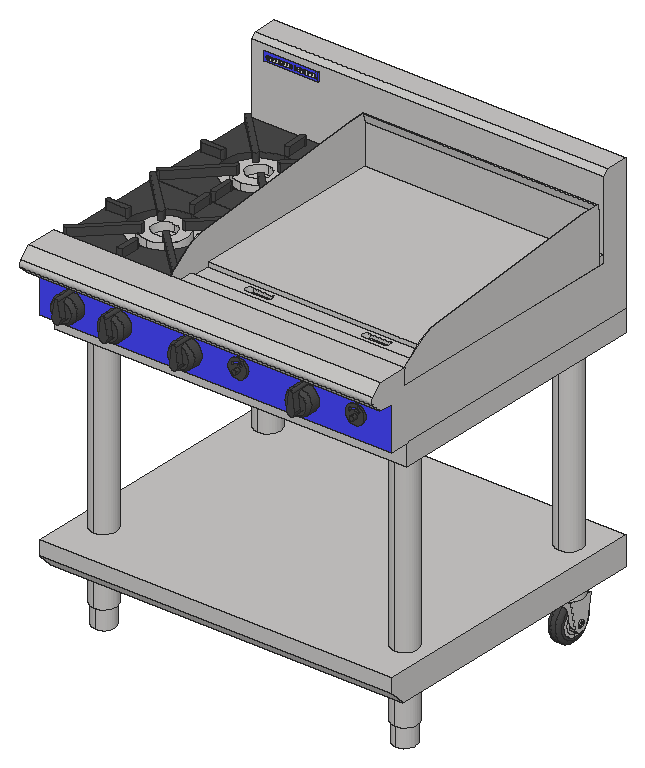
Revit family "QF_MOFFAT_BLUESEAL_CE_G516B-LS", category Specialty Equipment, Revit 2012
Parameters
  Width = 900 mm
  Weight in Pounds = 283  # constant formula
  URL Cutsheet = "www.moffat.com"
  URL = "www.moffat.com"
  Type Mark [instance] = ""
  Status [instance] = ""
  Specification by User [instance] = ""
  Specification by Manufacturer = ""
  Show Logo [instance] = yes
  Show Casters [instance] = yes
  Serial Number = ""
  Seismic Rating = ""
  SMACNA No = ""
  Revision Code [instance] = ""
  Omniclass Number and Title = ""
  NAFEM Spec ID Number = ""
  Model = "G516B-LS"
  Mechanical Remarks = ""
  Mechanical Connection Type = ""
  Masterspec = ""
  Manufacturer = "MOFFAT BLUESEAL"
  Legs [instance] = not(Show Casters)  # no
  Item Number [instance] = ""
  Installed By [instance] = ""
  Identify Quantity as Lot [instance] = yes
  Gas Size = 3/4"
  Gas RI Height = 0 mm
  Gas KW = 26.6
  Gas Input = 90990.0 Btu/h
  Gas Connection Height = 0 mm
  Furnished By [instance] = ""
  Foodservice Equipment Identifier [instance] = yes
  Description = "900MM GAS COOK TOP ON LEG STAND"
  Depth = 812 mm
  CSI MasterFormat = ""
  CSI Master Format = ""
  Base Height [instance] = 150 mm
Reference planes
  plane 1 "BACK": y = 0
  plane 2: z = 0
  plane 3 "LEFT": x = 0
  plane 4 "RIGHT": x = 900
  plane 5 "FRONT": y = -812
  plane 6 "TOP": z = 970
  plane 7 "Center Y": x = 450
  plane 8 "Center X": y = -406
  plane 9 "Base Height": z = 150
  plane 10: z = 915
  plane 11: x = 770
  plane 12: z = 1085
  plane 13: x = 65.354
  plane 14: y = -625
  plane 15: y = -100
  plane 16: x = 834.646
  plane 17: z = 655
Forms (mm)
  Extrusion 1, solid, material "QF_Finishes_Stainless Steel"
    sketch origin (0, 0, 0) x (0, 1, 0) y (0, 0, 1)
      loop
        line (-749, 850) -> (-749, 740) -> (0, 740) -> (0, 1085) -> (-57.5, 1085) -> (-70, 1072.5) -> (-70, 875) -> (-705, 875) -> (-705, 915) -> (-783.97, 915) -> (-808.485, 890.485)
        arc (-808.485, 890.485) -> (-811.999, 882) -> (-808.485, 873.515) r 12
        line (-808.485, 873.515) -> (-784.97, 850) -> (-749, 850)
      loop
        line (0, 685) -> (0, 739.5) -> (-699, 739.5) -> (-699, 685) -> (0, 685)
      loop
        line (0, 222.5) -> (-749, 222.5) -> (-749, 186) -> (-713, 150) -> (0, 150) -> (0, 222.5)
    from 0 to 900
  Revolve 2, solid, material "QF_Finishes_Black"
    sketch origin (90, 7, 600) x (0, 1, 0) y (0, 0, -1)
      loop
        line (-789, -229.5) -> (-766, -229.5) -> (-766, -202) -> (-756, -202) -> (-756, -197) -> (-800, -197) -> (-800, -223.651) -> (-789, -229.5)
      axis (-800, -197) -> (-756, -197)
    angle from 0 to 360
  Extrusion 3, solid, material "QF_Finishes_Black"
    sketch origin (90, -759, 797) x (0, 0, 1) y (1, 0, 0)
      loop
        arc (32.192, -4.965) -> (37.079, 0.034) -> (32.192, 5.033) r 5
        line (32.192, 5.033) -> (-10.726, 10.453)
        arc (-10.726, 10.453) -> (-22.392, 0.618) -> (-11.893, -10.454) r 10.487
        line (-11.893, -10.454) -> (32.192, -4.965)
    from 0 to -49
  Extrusion 4, solid, material "QF_Finishes_Stainless Steel"
    sketch origin (0, 0, 222.5) x (0, -1, 0) y (1, 0, 0)
      loop
        circle (100, 65) r 31.75
      loop
        circle (625, 65) r 31.75
      loop
        circle (100, 835) r 31.75
      loop
        circle (625, 835) r 31.75
    from 0 to 462.5
  Revolve 5, solid, material "QF_Finishes_Stainless Steel", visible <- "Legs"
    sketch origin (65.5, -166, 0) x (0, 1, 0) y (0, 0, 1)
      loop
        line (34.25, 150) -> (34.25, 50) -> (38.5, 50) -> (38.5, 0) -> (66, 0) -> (66, 150) -> (34.25, 150)
      axis (66, 150) -> (66, 0)
    angle from 0 to 360
  Revolve 6, solid, material "QF_Finishes_Stainless Steel"
    sketch origin (65.5, -735, 0) x (0, 1, 0) y (0, 0, 1)
      loop
        line (78.25, 150) -> (78.25, 50) -> (82.5, 50) -> (82.5, 0) -> (110, 0) -> (110, 150) -> (78.25, 150)
      axis (110, 150) -> (110, 0)
    angle from 0 to 360
  Revolve 7, solid, material "QF_Finishes_Stainless Steel", visible <- "Legs"
    sketch origin (834.646, -166, -0.354) x (0, 1, 0) y (0, 0, -1)
      loop
        line (34.25, -150) -> (66, -150) -> (66, -0.354) -> (38.5, -0.354) -> (38.5, -50) -> (34.25, -50) -> (34.25, -150)
      axis (66, -150) -> (66, -0.354)
    angle from 0 to 360
  Revolve 8, solid, material "QF_Finishes_Stainless Steel"
    sketch origin (834.646, -728, -0.354) x (0, 1, 0) y (0, 0, -1)
      loop
        line (71.25, -150) -> (103, -150) -> (103, -0.354) -> (75.5, -0.354) -> (75.5, -50) -> (71.25, -50) -> (71.25, -150)
      axis (103, -150) -> (103, -0.354)
    angle from 0 to 360
  Revolve 9, solid, material "QF_Finishes_Stainless Steel", visible <- "Show Casters"
    sketch origin (16.276, -100.755, -12.8) x (1, 0, 0) y (0, 0, 1)
      loop
        line (14.841, 63.604) -> (83.584, 63.604) -> (83.584, 67.109) -> (82.314, 68.379) -> (80.79, 68.379) -> (80.79, 71.826) -> (68.644, 71.826) -> (68.644, 81.79) -> (65.088, 83.843) -> (63.738, 92.179) -> (65.881, 92.179) -> (65.881, 98.529) -> (65.088, 98.529) -> (65.088, 104.879)
        arc (65.088, 104.879) -> (62.298, 111.614) -> (55.563, 114.404) r 9.525
        line (55.563, 114.404) -> (42.863, 114.404)
        arc (42.863, 114.404) -> (36.127, 111.614) -> (33.338, 104.879) r 9.525
        line (33.338, 104.879) -> (33.338, 98.529) -> (32.544, 98.529) -> (32.544, 92.179) -> (34.687, 92.179) -> (33.352, 83.932) -> (29.782, 81.871) -> (29.782, 71.826) -> (17.635, 71.826) -> (17.635, 68.379) -> (16.111, 68.379) -> (14.841, 67.109) -> (14.841, 63.604)
      axis (14.841, 63.604) -> (83.584, 63.604)
    angle from 0 to 360
  Extrusion 10, solid, material "QF_Finishes_Stainless Steel", visible <- "Show Casters"
    sketch origin (72.001, 132.353, -8.783) x (0, 1, 0) y (0, 0, 1)
      loop
        line (-200.603, 118.783) -> (-264.103, 118.783) -> (-251.746, 53.895)
        arc (-251.746, 53.895) -> (-232.353, 38.783) -> (-212.959, 53.895) r 20
        line (-212.959, 53.895) -> (-200.603, 118.783)
    from -35.667 to 22.923
  Revolve 11, solid, material "QF_Finishes_Stainless Steel", visible <- "Show Casters"
    sketch origin (65.5, -204, 0) x (0, 1, 0) y (0, 0, 1)
      loop
        line (68.25, 150) -> (68.25, 110) -> (104, 110) -> (104, 150) -> (68.25, 150)
      axis (104, 150) -> (104, 110)
    angle from 0 to 360
  Revolve 12, solid, material "QF_Finishes_Stainless Steel", visible <- "Legs"
    sketch origin (65.5, -166, 0) x (0, 1, 0) y (0, 0, 1)
      loop
        line (34.25, 150) -> (34.25, 50) -> (38.5, 50) -> (38.5, 0) -> (66, 0) -> (66, 150) -> (34.25, 150)
      axis (66, 150) -> (66, 0)
    angle from 0 to 360
  Revolve 13, solid, material "QF_Finishes_Stainless Steel", visible <- "Show Casters"
    sketch origin (485.423, -100.755, -12.798) x (1, 0, 0) y (0, 0, 1)
      loop
        line (314.841, 63.604) -> (383.584, 63.604) -> (383.584, 67.109) -> (382.314, 68.379) -> (380.79, 68.379) -> (380.79, 71.826) -> (368.644, 71.826) -> (368.644, 81.79) -> (365.088, 83.843) -> (363.738, 92.179) -> (365.881, 92.179) -> (365.881, 98.529) -> (365.088, 98.529) -> (365.088, 104.879)
        arc (365.088, 104.879) -> (362.298, 111.614) -> (355.563, 114.404) r 9.525
        line (355.563, 114.404) -> (342.863, 114.404)
        arc (342.863, 114.404) -> (336.127, 111.614) -> (333.338, 104.879) r 9.525
        line (333.338, 104.879) -> (333.338, 98.529) -> (332.544, 98.529) -> (332.544, 92.179) -> (334.687, 92.179) -> (333.352, 83.932) -> (329.782, 81.871) -> (329.782, 71.826) -> (317.635, 71.826) -> (317.635, 68.379) -> (316.111, 68.379) -> (314.841, 67.109) -> (314.841, 63.604)
      axis (314.841, 63.604) -> (383.584, 63.604)
    angle from 0 to 360
  Extrusion 14, solid, material "QF_Finishes_Stainless Steel", visible <- "Show Casters"
    sketch origin (841.147, 132.353, -9.137) x (0, 1, 0) y (0, 0, 1)
      loop
        line (-200.603, 118.783) -> (-264.103, 118.783) -> (-251.746, 53.895)
        arc (-251.746, 53.895) -> (-232.353, 38.783) -> (-212.959, 53.895) r 20
        line (-212.959, 53.895) -> (-200.603, 118.783)
    from -35.667 to 22.923
  Revolve 15, solid, material "QF_Finishes_Stainless Steel", visible <- "Show Casters"
    sketch origin (834.646, -204, -0.354) x (0, 1, 0) y (0, 0, 1)
      loop
        line (68.25, 150) -> (68.25, 110) -> (104, 110) -> (104, 150) -> (68.25, 150)
      axis (104, 150) -> (104, 110)
    angle from 0 to 360
  Extrusion 16, solid, material "QF_Finishes_Stainless Steel"
    sketch origin (0, 0, 685) x (-1, 0, 0) y (0, 1, 0)
      loop
        circle (-770, -32) r 6.35
    from 0 to 30
  Revolve 17, solid, material "QF_Finishes_Black"
    sketch origin (390, 7, 600) x (0, 1, 0) y (0, 0, -1)
      loop
        line (-789, -229.5) -> (-766, -229.5) -> (-766, -202) -> (-756, -202) -> (-756, -197) -> (-800, -197) -> (-800, -223.651) -> (-789, -229.5)
      axis (-800, -197) -> (-756, -197)
    angle from 0 to 360
  Extrusion 18, solid, material "QF_Finishes_Black"
    sketch origin (390, -759, 797) x (0, 0, 1) y (1, 0, 0)
      loop
        arc (32.192, -4.965) -> (37.079, 0.034) -> (32.192, 5.033) r 5
        line (32.192, 5.033) -> (-10.726, 10.453)
        arc (-10.726, 10.453) -> (-22.392, 0.618) -> (-11.893, -10.454) r 10.487
        line (-11.893, -10.454) -> (32.192, -4.965)
    from 0 to -49
  Revolve 19, solid, material "QF_Finishes_Black"
    sketch origin (690, 7, 600) x (0, 1, 0) y (0, 0, -1)
      loop
        line (-789, -229.5) -> (-766, -229.5) -> (-766, -202) -> (-756, -202) -> (-756, -197) -> (-800, -197) -> (-800, -223.651) -> (-789, -229.5)
      axis (-800, -197) -> (-756, -197)
    angle from 0 to 360
  Extrusion 20, solid, material "QF_Finishes_Black"
    sketch origin (690, -759, 797) x (0, 0, 1) y (1, 0, 0)
      loop
        arc (32.192, -4.965) -> (37.079, 0.034) -> (32.192, 5.033) r 5
        line (32.192, 5.033) -> (-10.726, 10.453)
        arc (-10.726, 10.453) -> (-22.392, 0.618) -> (-11.893, -10.454) r 10.487
        line (-11.893, -10.454) -> (32.192, -4.965)
    from 0 to -49
  Extrusion 21, solid, material "QF_Finishes_Black"
    sketch origin (0, -749, 850) x (0, 0, -1) y (1, 0, 0)
      loop
        circle (53, 510) r 23.9
      loop
        circle (53, 810) r 23.9
      loop
        arc (45.641, 518.419) -> (46.501, 523.219) -> (41.701, 524.079) r 3.448
        arc (41.701, 524.079) -> (35.116, 509.341) -> (42.919, 495.209) r 18.095
        arc (42.919, 495.209) -> (47.641, 496.491) -> (46.326, 501.204) r 3.448
        arc (46.326, 501.204) -> (42.758, 509.683) -> (45.641, 518.419) r 13.109
      loop
        arc (45.641, 818.419) -> (46.501, 823.219) -> (41.701, 824.079) r 3.448
        arc (41.701, 824.079) -> (35.116, 809.341) -> (42.919, 795.209) r 18.095
        arc (42.919, 795.209) -> (47.641, 796.491) -> (46.326, 801.204) r 3.448
        arc (46.326, 801.204) -> (42.758, 809.683) -> (45.641, 818.419) r 13.109
    from 0 to 5
  Extrusion 22, solid, material "QF_Finishes_Black"
    sketch origin (0, -754, 850) x (0, 0, -1) y (1, 0, 0)
      loop
        circle (56.5, 810) r 5.75
      loop
        circle (56.5, 510) r 5.75
    from 0 to 10
  Revolve 23, solid, material "QF_Finishes_Black"
    sketch origin (210, 7, 600) x (0, 1, 0) y (0, 0, -1)
      loop
        line (-789, -229.5) -> (-766, -229.5) -> (-766, -202) -> (-756, -202) -> (-756, -197) -> (-800, -197) -> (-800, -223.651) -> (-789, -229.5)
      axis (-800, -197) -> (-756, -197)
    angle from 0 to 360
  Extrusion 24, solid, material "QF_Finishes_Black"
    sketch origin (210, -759, 797) x (0, 0, 1) y (1, 0, 0)
      loop
        arc (32.192, -4.965) -> (37.079, 0.034) -> (32.192, 5.033) r 5
        line (32.192, 5.033) -> (-10.726, 10.453)
        arc (-10.726, 10.453) -> (-22.392, 0.618) -> (-11.893, -10.454) r 10.487
        line (-11.893, -10.454) -> (32.192, -4.965)
    from 0 to -49
Lines and regions (mm)
  Split face 1
    outline origin (0, -56.5, 1085) x (0, 1, 0) y (-1, 0, 0)
      loop
        line (11.115, -338.041) -> (11.115, -566)
        arc (11.115, -566) -> (16.115, -574.66) -> (26.115, -574.66) r 10
        line (26.115, -574.66) -> (33.115, -570.619)
        arc (33.115, -570.619) -> (36.775, -566.959) -> (38.115, -561.959) r 10
        line (38.115, -561.959) -> (38.115, -334)
        arc (38.115, -334) -> (33.115, -325.34) -> (23.115, -325.34) r 10
        line (23.115, -325.34) -> (16.115, -329.381)
        arc (16.115, -329.381) -> (12.455, -333.041) -> (11.115, -338.041) r 10
  Split face 2
    outline origin (0, -56.5, 1085) x (0, 1, 0) y (-1, 0, 0)
      loop
        line (38.115, -851.959) -> (38.115, -624)
        arc (38.115, -624) -> (33.115, -615.34) -> (23.115, -615.34) r 10
        line (23.115, -615.34) -> (16.115, -619.381)
        arc (16.115, -619.381) -> (12.455, -623.041) -> (11.115, -628.041) r 10
        line (11.115, -628.041) -> (11.115, -856)
        arc (11.115, -856) -> (16.115, -864.66) -> (26.115, -864.66) r 10
        line (26.115, -864.66) -> (33.115, -860.619)
        arc (33.115, -860.619) -> (36.775, -856.959) -> (38.115, -851.959) r 10
  Split face 3
    outline origin (0, -56.5, 1085) x (0, 1, 0) y (-1, 0, 0)
      loop
        line (11.115, -48.041) -> (11.115, -276)
        arc (11.115, -276) -> (16.115, -284.66) -> (26.115, -284.66) r 10
        line (26.115, -284.66) -> (33.115, -280.619)
        arc (33.115, -280.619) -> (36.775, -276.959) -> (38.115, -271.959) r 10
        line (38.115, -271.959) -> (38.115, -44)
        arc (38.115, -44) -> (33.115, -35.34) -> (23.115, -35.34) r 10
        line (23.115, -35.34) -> (16.115, -39.381)
        arc (16.115, -39.381) -> (12.455, -43.041) -> (11.115, -48.041) r 10
  symbolic lines, style "SpecialityEquipmentHiddenLines", visible <- "Show Casters"
    curve 1: line (78.456, -46.735, 0) -> (105.952, -62.61, 0)
    curve 2: line (27.656, -134.723, 0) -> (78.456, -46.735, 0)
    curve 3: line (55.152, -150.598, 0) -> (27.656, -134.723, 0)
    curve 4: line (105.952, -62.61, 0) -> (55.152, -150.598, 0)
    curve 5: line (848.456, -46.735, 0) -> (875.952, -62.61, 0)
    curve 6: line (797.656, -134.723, 0) -> (848.456, -46.735, 0)
    curve 7: line (825.152, -150.598, 0) -> (797.656, -134.723, 0)
    curve 8: line (875.952, -62.61, 0) -> (825.152, -150.598, 0)
  symbolic lines
    curve 9: line (0, -783.97, 0) -> (900, -783.97, 0)
    curve 10: line (0, 0, 0) -> (0, -811.999, 0)
    curve 11: line (900, -811.999, 0) -> (900, 0, 0)
    curve 12: line (900, -811.999, 0) -> (0, -811.999, 0)
    curve 13: line (0, -70, 0) -> (900, -70, 0)
    curve 14: line (0, -57.5, 0) -> (900, -57.5, 0)
    curve 15: line (900, 0, 0) -> (0, 0, 0)
    curve 16: line (561.959, -18.385, 0) -> (334, -18.385, 0)
    curve 17: arc (334, -18.385, 0) -> (325.34, -23.385, 0) -> (325.34, -33.385, 0) r 10
    curve 18: line (325.34, -33.385, 0) -> (329.381, -40.385, 0)
    curve 19: arc (329.381, -40.385, 0) -> (333.041, -44.045, 0) -> (338.041, -45.385, 0) r 10
    curve 20: line (338.041, -45.385, 0) -> (566, -45.385, 0)
    curve 21: arc (566, -45.385, 0) -> (574.66, -40.385, 0) -> (574.66, -30.385, 0) r 10
    curve 22: line (574.66, -30.385, 0) -> (570.619, -23.385, 0)
    curve 23: arc (570.619, -23.385, 0) -> (566.959, -19.725, 0) -> (561.959, -18.385, 0) r 10
    curve 24: line (851.959, -18.385, 0) -> (624, -18.385, 0)
    curve 25: arc (624, -18.385, 0) -> (615.34, -23.385, 0) -> (615.34, -33.385, 0) r 10
    curve 26: line (615.34, -33.385, 0) -> (619.381, -40.385, 0)
    curve 27: arc (619.381, -40.385, 0) -> (623.041, -44.045, 0) -> (628.041, -45.385, 0) r 10
    curve 28: line (628.041, -45.385, 0) -> (856, -45.385, 0)
    curve 29: arc (856, -45.385, 0) -> (864.66, -40.385, 0) -> (864.66, -30.385, 0) r 10
    curve 30: line (864.66, -30.385, 0) -> (860.619, -23.385, 0)
    curve 31: arc (860.619, -23.385, 0) -> (856.959, -19.725, 0) -> (851.959, -18.385, 0) r 10
    curve 32: line (271.959, -18.385, 0) -> (44, -18.385, 0)
    curve 33: arc (44, -18.385, 0) -> (35.34, -23.385, 0) -> (35.34, -33.385, 0) r 10
    curve 34: line (35.34, -33.385, 0) -> (39.381, -40.385, 0)
    curve 35: arc (39.381, -40.385, 0) -> (43.041, -44.045, 0) -> (48.041, -45.385, 0) r 10
    curve 36: line (48.041, -45.385, 0) -> (276, -45.385, 0)
    curve 37: arc (276, -45.385, 0) -> (284.66, -40.385, 0) -> (284.66, -30.385, 0) r 10
    curve 38: line (284.66, -30.385, 0) -> (280.619, -23.385, 0)
    curve 39: arc (280.619, -23.385, 0) -> (276.959, -19.725, 0) -> (271.959, -18.385, 0) r 10
    curve 40: line (0, -705, 0) -> (900, -705, 0)
Dimensions and locks
  equal spacing: plane 3 "LEFT", plane 7 "Center Y", plane 4 "RIGHT"
  "Width": plane 3 "LEFT" to plane 4 "RIGHT"
  equal spacing: plane 5 "FRONT", plane 8 "Center X", plane 1 "BACK"
  "Depth": plane 5 "FRONT" to plane 1 "BACK"
  equal spacing: plane 4 "RIGHT", plane 7 "Center Y", plane 3 "LEFT"
  plane 4 "RIGHT" to plane 3 "LEFT" = 900 mm
  plane 5 "FRONT" to plane 1 "BACK" = 812 mm
  "Base Height": plane 9 "Base Height" to level
  plane 6 "TOP" to level = 970 mm
  plane 10 to level = 915 mm
  plane 11 to plane 4 "RIGHT" = 130 mm
  plane 12 to plane 2 = 1085 mm
  Revolve 9 sketch curve to Revolve 9 sketch curve = 50.8 mm
  Revolve 13 sketch curve to Revolve 13 sketch curve = 50.8 mm
  plane 15 to plane 14 = 525 mm
  plane 17 to plane 2 = 655 mm
  Extrusion 16 sketch curve to plane 1 "BACK" = 32 mm
  aligned and locked: level to plane 2
Automatic sketch dimensions
  plane 1 "BACK" to curve 15 = 0 mm
  curve 15 to plane 3 "LEFT" = 0 mm
  curve 11 to plane 4 "RIGHT" = 0 mm
  plane 3 "LEFT" to curve 2 = 27.656 mm
  plane 13 to curve 34 = 30.014 mm
  curve 34 to curve 34 = 4.041 mm
  curve 33 to curve 33 = 8.66 mm
  curve 34 to curve 35 = 8.66 mm
  plane 13 to curve 3 = 10.202 mm
  curve 1 to plane 13 = 13.102 mm
  plane 1 "BACK" to curve 39 = 18.385 mm
  curve 1 to curve 39 = 166.007 mm
  curve 39 to curve 37 = 4.041 mm
  curve 32 to curve 39 = 8.66 mm
  plane 1 "BACK" to curve 38 = 30.385 mm
  curve 38 to curve 38 = 4.041 mm
  plane 1 "BACK" to curve 18 = 33.385 mm
  curve 38 to curve 18 = 40.679 mm
  curve 17 to curve 19 = 4.041 mm  (x2)
  curve 17 to curve 16 = 8.66 mm
  plane 1 "BACK" to curve 23 = 28.385 mm
  plane 7 "Center Y" to curve 23 = 111.959 mm
  curve 23 to curve 20 = 4.041 mm
  curve 16 to curve 23 = 8.66 mm
  curve 23 to curve 21 = 4.041 mm
  plane 1 "BACK" to curve 26 = 33.385 mm
  curve 22 to curve 26 = 40.679 mm
  curve 26 to curve 27 = 4.041 mm
  curve 25 to curve 24 = 8.66 mm
  curve 26 to curve 27 = 8.66 mm
  plane 11 to curve 6 = 27.656 mm
  curve 8 to plane 16 = 9.494 mm
  plane 16 to curve 6 = 13.809 mm
  plane 16 to curve 24 = 17.312 mm
  curve 5 to curve 28 = 7.544 mm
  curve 31 to curve 31 = 8.66 mm
  curve 31 to curve 29 = 4.041 mm
  curve 33 to curve 32 = 15 mm
  curve 27 to curve 25 = 2 mm
  curve 37 to curve 37 = 5 mm
  curve 35 to curve 33 = 7 mm
  plane 1 "BACK" to curve 29 = 35.385 mm
  curve 21 to curve 23 = 7 mm
  curve 19 to curve 17 = 2 mm
  curve 27 to curve 26 = 7 mm
  curve 18 to curve 17 = 7 mm
  curve 1 to curve 36 = 1.35 mm
  curve 6 to curve 28 = 1.35 mm
  curve 14 to plane 15 = 42.5 mm
  curve 5 to curve 14 = 5.11 mm
  curve 4 to curve 1 = 15.875 mm
  curve 13 to curve 14 = 12.5 mm
  plane 14 to curve 40 = 80 mm
  curve 9 to plane 5 "FRONT" = 28.03 mm
  curve 12 to plane 5 "FRONT" = 0.001 mm
  curve 27 to curve 25 = 7 mm
  curve 19 to curve 17 = 7 mm
  curve 29 to curve 31 = 7 mm
  curve 37 to curve 39 = 7 mm
  plane 10 to Extrusion 1 sketch curve = 0 mm
  Extrusion 1 sketch curve to plane 9 "Base Height" = 0 mm
  plane 12 to Extrusion 1 sketch curve = 0 mm
  Extrusion 1 sketch curve to plane 1 "BACK" = 0 mm  (x3)
  Extrusion 1 sketch curve to plane 15 = 42.5 mm
  plane 12 to Extrusion 1 sketch curve = 12.5 mm
  Extrusion 1 sketch curve to Extrusion 1 sketch curve = 12.5 mm
  plane 17 to Extrusion 1 sketch curve = 30 mm
  plane 14 to Extrusion 1 sketch curve = 74 mm
  plane 14 to Extrusion 1 sketch curve = 80 mm
  plane 14 to Extrusion 1 sketch curve = 88 mm
  Extrusion 1 sketch curve to Extrusion 1 sketch curve = 44 mm
  Extrusion 1 sketch curve to Extrusion 1 sketch curve = 36 mm
  Extrusion 1 sketch curve to plane 5 "FRONT" = 28.03 mm
  Extrusion 1 sketch curve to plane 5 "FRONT" = 27.03 mm
  Extrusion 1 sketch curve to plane 5 "FRONT" = 12.001 mm
  Extrusion 1 sketch curve to plane 5 "FRONT" = 3.515 mm  (x2)
  plane 9 "Base Height" to Extrusion 1 sketch curve = 36 mm
  plane 9 "Base Height" to Extrusion 1 sketch curve = 72.5 mm
  Extrusion 1 sketch curve to Extrusion 1 sketch curve = 54.5 mm
  Extrusion 1 sketch curve to Extrusion 1 sketch curve = 0.5 mm
  plane 10 to Extrusion 1 sketch curve = 65 mm
  Extrusion 1 sketch curve to Extrusion 1 sketch curve = 23.515 mm
  plane 10 to Extrusion 1 sketch curve = 40 mm
  Extrusion 1 sketch curve to Extrusion 1 sketch curve = 8.485 mm
  Revolve 2 sketch curve to plane 5 "FRONT" = 19 mm
  Revolve 2 sketch curve to Revolve 2 sketch curve = 0 mm  (x2)
  Revolve 2 sketch curve to Revolve 2 sketch curve = 11 mm
  Revolve 2 sketch curve to Revolve 2 sketch curve = 12.7 mm
  Revolve 2 sketch curve to Revolve 2 sketch curve = 23 mm
  Revolve 2 sketch curve to Revolve 2 sketch curve = 10 mm
  plane 10 to Revolve 2 sketch curve = 85.5 mm
  Revolve 2 sketch curve to Revolve 2 sketch curve = 5.849 mm
  Revolve 2 sketch curve to Revolve 2 sketch curve = 27.5 mm
  Revolve 2 sketch curve to Revolve 2 sketch curve = 5 mm
  Extrusion 3 sketch curve to Revolve 2 = 0.034 mm  (x2)
  Revolve 2 to Extrusion 3 sketch curve = 10.454 mm
  Extrusion 3 sketch curve to Extrusion 3 sketch curve = 0.028 mm
  Extrusion 3 sketch curve to Revolve 2 = 10.453 mm
  Extrusion 3 sketch curve to Extrusion 3 sketch curve = 44 mm
  Extrusion 3 sketch curve to Revolve 2 = 5.033 mm
  Extrusion 3 sketch curve to Extrusion 3 sketch curve = 0.113 mm
  Revolve 2 to Extrusion 3 sketch curve = 4.965 mm
  Extrusion 4 sketch curve to Extrusion 4 sketch curve = 0 mm  (x8)
  Extrusion 1 to Extrusion 4 sketch curve = 68.25 mm  (x2)
  Extrusion 4 sketch curve to Extrusion 4 sketch curve = 31.75 mm  (x4)
  Extrusion 4 sketch curve to Extrusion 1 = 155.75 mm  (x2)
  Extrusion 1 to Extrusion 4 sketch curve = 65 mm  (x4)
  Revolve 5 sketch curve to plane 9 "Base Height" = 0 mm
  Revolve 5 sketch curve to level = 0 mm
  Revolve 5 sketch curve to plane 15 = 0 mm  (x2)
  plane 15 to Revolve 5 sketch curve = 27.5 mm
  plane 15 to Revolve 5 sketch curve = 31.75 mm
  Revolve 5 sketch curve to Revolve 5 sketch curve = 55 mm
  level to Revolve 5 sketch curve = 50 mm
  Revolve 5 sketch curve to Revolve 5 sketch curve = 0 mm
  Revolve 6 sketch curve to plane 9 "Base Height" = 0 mm
  Revolve 6 sketch curve to level = 0 mm
  Revolve 6 sketch curve to plane 14 = 0 mm  (x2)
  Revolve 6 sketch curve to Revolve 6 sketch curve = 27.5 mm
  Revolve 6 sketch curve to Revolve 6 sketch curve = 31.75 mm
  Revolve 6 sketch curve to Revolve 6 sketch curve = 55 mm
  level to Revolve 6 sketch curve = 50 mm
  Revolve 6 sketch curve to Revolve 6 sketch curve = 0 mm
  Revolve 7 sketch curve to level = 0 mm
  Revolve 7 sketch curve to plane 15 = 0 mm  (x2)
  plane 15 to Revolve 7 sketch curve = 27.5 mm
  Revolve 7 sketch curve to plane 9 "Base Height" = 0.354 mm
  plane 15 to Revolve 7 sketch curve = 31.75 mm
  level to Revolve 7 sketch curve = 49.646 mm
  Revolve 7 sketch curve to Revolve 7 sketch curve = 0 mm
  Revolve 7 sketch curve to level = 55.354 mm
  Revolve 8 sketch curve to level = 0 mm
  Revolve 8 sketch curve to plane 14 = 0 mm  (x2)
  Revolve 8 sketch curve to Revolve 8 sketch curve = 27.5 mm
  Revolve 8 sketch curve to plane 9 "Base Height" = 0.354 mm
  plane 14 to Revolve 8 sketch curve = 31.75 mm
  level to Revolve 8 sketch curve = 49.646 mm
  Revolve 8 sketch curve to Revolve 8 sketch curve = 0 mm
  Revolve 8 sketch curve to Revolve 8 sketch curve = 55.354 mm
  plane 3 "LEFT" to Revolve 9 sketch curve = 31.118 mm
  Revolve 9 sketch curve to Revolve 9 sketch curve = 1.27 mm  (x4)
  Revolve 9 sketch curve to Revolve 9 sketch curve = 1.524 mm  (x2)
  Revolve 9 sketch curve to Revolve 9 sketch curve = 12.146 mm  (x2)
  plane 13 to Revolve 9 sketch curve = 16.533 mm
  Revolve 9 sketch curve to Revolve 9 sketch curve = 0.794 mm  (x2)
  Revolve 9 sketch curve to Revolve 9 sketch curve = 3.57 mm
  Revolve 9 sketch curve to Revolve 9 sketch curve = 2.143 mm
  plane 13 to Revolve 9 sketch curve = 6.215 mm
  Revolve 9 sketch curve to plane 13 = 5.276 mm
  Revolve 9 sketch curve to plane 13 = 6.485 mm
  Revolve 9 sketch curve to plane 13 = 14.661 mm
  Revolve 9 sketch curve to Revolve 9 sketch curve = 1.349 mm  (x2)
  Revolve 9 sketch curve to Revolve 9 sketch curve = 3.556 mm
  Revolve 9 sketch curve to Revolve 9 sketch curve = 33.32 mm
  level to Revolve 9 sketch curve = 50.804 mm
  Revolve 9 sketch curve to Revolve 9 sketch curve = 0 mm
  Revolve 9 sketch curve to Revolve 9 sketch curve = 3.505 mm  (x2)
  Revolve 9 sketch curve to Revolve 9 sketch curve = 3.447 mm  (x2)
  Revolve 9 sketch curve to Revolve 9 sketch curve = 9.964 mm
  Revolve 9 sketch curve to Revolve 9 sketch curve = 10.045 mm
  Revolve 9 sketch curve to Revolve 9 sketch curve = 2.053 mm
  Revolve 9 sketch curve to Revolve 9 sketch curve = 2.061 mm
  Revolve 9 sketch curve to Revolve 9 sketch curve = 8.247 mm
  Revolve 9 sketch curve to Revolve 9 sketch curve = 8.336 mm
  Revolve 9 sketch curve to Revolve 9 sketch curve = 6.35 mm  (x2)
  Extrusion 10 sketch curve to plane 15 = 0 mm
  plane 15 to Extrusion 10 sketch curve = 19.393 mm
  plane 15 to Extrusion 10 sketch curve = 31.75 mm
  Extrusion 10 sketch curve to plane 15 = 19.393 mm
  Extrusion 10 sketch curve to plane 15 = 31.75 mm
  level to Extrusion 10 sketch curve = 45.111 mm
  Extrusion 10 sketch curve to Extrusion 10 sketch curve = 4.889 mm
  Extrusion 10 sketch curve to plane 9 "Base Height" = 40 mm
  Revolve 11 sketch curve to plane 9 "Base Height" = 0 mm
  Revolve 11 sketch curve to plane 15 = 0 mm  (x2)
  plane 15 to Revolve 11 sketch curve = 35.75 mm
  Revolve 11 sketch curve to Revolve 11 sketch curve = 40 mm
  level to Revolve 11 sketch curve = 50 mm
  Revolve 11 sketch curve to level = 55 mm
  Revolve 12 sketch curve to plane 9 "Base Height" = 0 mm
  Revolve 12 sketch curve to level = 0 mm
  Revolve 12 sketch curve to plane 15 = 0 mm  (x2)
  plane 15 to Revolve 12 sketch curve = 27.5 mm
  plane 15 to Revolve 12 sketch curve = 31.75 mm
  Revolve 12 sketch curve to Revolve 12 sketch curve = 55 mm
  level to Revolve 12 sketch curve = 50 mm
  Revolve 12 sketch curve to Revolve 12 sketch curve = 0 mm
  plane 11 to Revolve 13 sketch curve = 30.264 mm
  Revolve 13 sketch curve to Revolve 13 sketch curve = 1.27 mm  (x4)
  Revolve 13 sketch curve to Revolve 13 sketch curve = 1.524 mm  (x2)
  Revolve 13 sketch curve to Revolve 13 sketch curve = 12.146 mm  (x2)
  Revolve 13 sketch curve to plane 16 = 16.68 mm
  Revolve 13 sketch curve to Revolve 13 sketch curve = 0.794 mm  (x2)
  Revolve 13 sketch curve to Revolve 13 sketch curve = 3.57 mm
  Revolve 13 sketch curve to Revolve 13 sketch curve = 2.143 mm
  Revolve 13 sketch curve to plane 16 = 6.361 mm
  plane 16 to Revolve 13 sketch curve = 5.13 mm
  plane 16 to Revolve 13 sketch curve = 6.339 mm
  plane 16 to Revolve 13 sketch curve = 14.515 mm
  Revolve 13 sketch curve to Revolve 13 sketch curve = 1.349 mm  (x2)
  Revolve 13 sketch curve to Revolve 13 sketch curve = 3.556 mm
  Revolve 13 sketch curve to plane 4 "RIGHT" = 2.327 mm
  level to Revolve 13 sketch curve = 50.806 mm
  Revolve 13 sketch curve to Revolve 13 sketch curve = 0 mm
  Revolve 13 sketch curve to Revolve 13 sketch curve = 3.505 mm  (x2)
  Revolve 13 sketch curve to Revolve 13 sketch curve = 3.447 mm  (x2)
  Revolve 13 sketch curve to Revolve 13 sketch curve = 9.964 mm
  Revolve 13 sketch curve to Revolve 13 sketch curve = 10.045 mm
  Revolve 13 sketch curve to Revolve 13 sketch curve = 2.053 mm
  Revolve 13 sketch curve to Revolve 13 sketch curve = 2.061 mm
  Revolve 13 sketch curve to Revolve 13 sketch curve = 8.247 mm
  Revolve 13 sketch curve to Revolve 13 sketch curve = 8.336 mm
  Revolve 13 sketch curve to Revolve 13 sketch curve = 6.35 mm  (x2)
  Extrusion 14 sketch curve to plane 15 = 0 mm
  plane 15 to Extrusion 14 sketch curve = 19.393 mm
  plane 15 to Extrusion 14 sketch curve = 31.75 mm
  Extrusion 14 sketch curve to plane 15 = 19.393 mm
  Extrusion 14 sketch curve to plane 15 = 31.75 mm
  level to Extrusion 14 sketch curve = 44.758 mm
  Extrusion 14 sketch curve to Extrusion 14 sketch curve = 4.889 mm
  Extrusion 14 sketch curve to plane 9 "Base Height" = 40.354 mm
  Revolve 15 sketch curve to plane 15 = 0 mm  (x2)
  Revolve 15 sketch curve to plane 9 "Base Height" = 0.354 mm
  plane 15 to Revolve 15 sketch curve = 35.75 mm
  Revolve 15 sketch curve to Revolve 15 sketch curve = 40 mm
  level to Revolve 15 sketch curve = 49.646 mm
  Revolve 15 sketch curve to level = 55.354 mm
  Extrusion 16 sketch curve to Extrusion 16 sketch curve = 0 mm
  Extrusion 16 sketch curve to Extrusion 1 = 38.35 mm
  Extrusion 16 sketch curve to Extrusion 1 = 130 mm
  Split face 1 sketch curve to Extrusion 1 = 12.115 mm
  Split face 1 sketch curve to Split face 1 sketch curve = 5 mm  (x2)
  Split face 1 sketch curve to Split face 1 sketch curve = 10 mm  (x3)
  Split face 1 sketch curve to Split face 1 sketch curve = 7 mm  (x4)
  Split face 1 sketch curve to Extrusion 1 = 325.34 mm
  Split face 1 sketch curve to Split face 1 sketch curve = 4.041 mm  (x2)
  Split face 1 sketch curve to Split face 1 sketch curve = 223.917 mm
  Split face 2 sketch curve to Extrusion 1 = 12.115 mm
  Split face 2 sketch curve to Split face 2 sketch curve = 5 mm  (x2)
  Split face 2 sketch curve to Split face 2 sketch curve = 10 mm  (x3)
  Split face 2 sketch curve to Split face 2 sketch curve = 7 mm  (x4)
  Split face 2 sketch curve to Extrusion 1 = 35.34 mm
  Split face 2 sketch curve to Split face 2 sketch curve = 4.041 mm  (x2)
  Split face 2 sketch curve to Split face 2 sketch curve = 223.917 mm
  Split face 3 sketch curve to Extrusion 1 = 12.115 mm
  Split face 3 sketch curve to Split face 3 sketch curve = 5 mm  (x3)
  Split face 3 sketch curve to Split face 3 sketch curve = 10 mm  (x2)
  Split face 3 sketch curve to Split face 3 sketch curve = 7 mm  (x4)
  Split face 3 sketch curve to Extrusion 1 = 284.66 mm
  Split face 3 sketch curve to Split face 3 sketch curve = 4.041 mm  (x2)
  Split face 3 sketch curve to Extrusion 1 = 48.041 mm
  Revolve 17 sketch curve to plane 5 "FRONT" = 19 mm
  Revolve 17 sketch curve to Revolve 17 sketch curve = 0 mm  (x2)
  Revolve 17 sketch curve to Revolve 17 sketch curve = 11 mm
  Revolve 17 sketch curve to Revolve 17 sketch curve = 12.7 mm
  Revolve 17 sketch curve to Revolve 17 sketch curve = 23 mm
  Revolve 17 sketch curve to Revolve 17 sketch curve = 10 mm
  plane 10 to Revolve 17 sketch curve = 85.5 mm
  Revolve 17 sketch curve to Revolve 17 sketch curve = 5.849 mm
  Revolve 17 sketch curve to Revolve 17 sketch curve = 27.5 mm
  Revolve 17 sketch curve to Revolve 17 sketch curve = 5 mm
  Extrusion 18 sketch curve to Revolve 17 = 0.034 mm  (x2)
  Revolve 17 to Extrusion 18 sketch curve = 10.454 mm
  Extrusion 18 sketch curve to Extrusion 18 sketch curve = 0.028 mm
  Extrusion 18 sketch curve to Revolve 17 = 10.453 mm
  Extrusion 18 sketch curve to Extrusion 18 sketch curve = 44 mm
  Extrusion 18 sketch curve to Revolve 17 = 5.033 mm
  Extrusion 18 sketch curve to Extrusion 18 sketch curve = 0.113 mm
  Revolve 17 to Extrusion 18 sketch curve = 4.965 mm
  Revolve 19 sketch curve to plane 5 "FRONT" = 19 mm
  Revolve 19 sketch curve to Revolve 19 sketch curve = 0 mm  (x2)
  Revolve 19 sketch curve to Revolve 19 sketch curve = 11 mm
  Revolve 19 sketch curve to Revolve 19 sketch curve = 12.7 mm
  Revolve 19 sketch curve to Revolve 19 sketch curve = 23 mm
  Revolve 19 sketch curve to Revolve 19 sketch curve = 10 mm
  plane 10 to Revolve 19 sketch curve = 85.5 mm
  Revolve 19 sketch curve to Revolve 19 sketch curve = 5.849 mm
  Revolve 19 sketch curve to Revolve 19 sketch curve = 27.5 mm
  Revolve 19 sketch curve to Revolve 19 sketch curve = 5 mm
  Extrusion 20 sketch curve to Revolve 19 = 0.034 mm  (x2)
  Revolve 19 to Extrusion 20 sketch curve = 10.454 mm
  Extrusion 20 sketch curve to Extrusion 20 sketch curve = 0.028 mm
  Extrusion 20 sketch curve to Revolve 19 = 10.453 mm
  Extrusion 20 sketch curve to Extrusion 20 sketch curve = 44 mm
  Extrusion 20 sketch curve to Revolve 19 = 5.033 mm
  Extrusion 20 sketch curve to Extrusion 20 sketch curve = 0.113 mm
  Revolve 19 to Extrusion 20 sketch curve = 4.965 mm
  Extrusion 21 sketch curve to Extrusion 1 = 41.701 mm  (x2)
  Extrusion 21 sketch curve to Extrusion 21 sketch curve = 1.218 mm  (x2)
  Extrusion 21 sketch curve to Extrusion 21 sketch curve = 1.97 mm  (x4)
  Extrusion 21 sketch curve to Extrusion 21 sketch curve = 1.724 mm  (x2)
  Extrusion 21 sketch curve to Extrusion 21 sketch curve = 1.683 mm  (x2)
  Extrusion 21 sketch curve to Extrusion 21 sketch curve = 6.674 mm  (x2)
  Extrusion 21 sketch curve to Extrusion 21 sketch curve = 0.195 mm  (x2)
  Extrusion 21 sketch curve to Extrusion 21 sketch curve = 2.662 mm  (x2)
  Extrusion 1 to Extrusion 21 sketch curve = 404.791 mm
  Extrusion 21 sketch curve to Extrusion 21 sketch curve = 2.986 mm  (x2)
  Extrusion 21 sketch curve to Extrusion 21 sketch curve = 8.796 mm  (x2)
  Extrusion 21 sketch curve to Extrusion 21 sketch curve = 0.103 mm  (x2)
  Extrusion 21 sketch curve to Extrusion 21 sketch curve = 0.102 mm  (x2)
  Extrusion 1 to Extrusion 21 sketch curve = 104.791 mm
  Extrusion 22 sketch curve to Extrusion 22 sketch curve = 0 mm
  Extrusion 22 sketch curve to Extrusion 22 sketch curve = 300 mm
  Revolve 23 sketch curve to plane 5 "FRONT" = 19 mm
  Revolve 23 sketch curve to Revolve 23 sketch curve = 0 mm  (x2)
  Revolve 23 sketch curve to Revolve 23 sketch curve = 11 mm
  Revolve 23 sketch curve to Revolve 23 sketch curve = 12.7 mm
  Revolve 23 sketch curve to Revolve 23 sketch curve = 23 mm
  Revolve 23 sketch curve to Revolve 23 sketch curve = 10 mm
  plane 10 to Revolve 23 sketch curve = 85.5 mm
  Revolve 23 sketch curve to Revolve 23 sketch curve = 5.849 mm
  Revolve 23 sketch curve to Revolve 23 sketch curve = 27.5 mm
  Revolve 23 sketch curve to Revolve 23 sketch curve = 5 mm
  Extrusion 24 sketch curve to Revolve 23 = 0.034 mm  (x2)
  Revolve 23 to Extrusion 24 sketch curve = 10.454 mm
  Extrusion 24 sketch curve to Extrusion 24 sketch curve = 0.028 mm
  Extrusion 24 sketch curve to Revolve 23 = 10.453 mm
  Extrusion 24 sketch curve to Extrusion 24 sketch curve = 44 mm
  Extrusion 24 sketch curve to Revolve 23 = 5.033 mm
  Extrusion 24 sketch curve to Extrusion 24 sketch curve = 0.113 mm
  Revolve 23 to Extrusion 24 sketch curve = 4.965 mm
  radius of Extrusion 21 sketch curve = 23.9 mm  (x2)
  radius of Extrusion 22 sketch curve = 5.75 mm  (x2)
Nested families
  nested 1: "WALDORF LOGO_FACE BASE" at (32, -70, 1057.475) x (1, 0, 0) z (0, -1, 0), visible <- "Show Logo", type "WALDORF LOGO_FACE BASE", detail levels medium+fine
    with Show Logo yes
  nested 2: "GAS BURNER300 & GRIDDLE 600" at (0, -70, 874.5), type "GAS BURNER300 & GRIDDLE 600"
    with Width 900 mm, Type Mark "", Status "", Specification by User "", Revision Code "", Item Number "", Installed By "", Identify Quantity as Lot yes, Furnished By "", Foodservice Equipment Identifier yes, Depth 635 mm
Connectors
  piping at (770, -32, 655)
    settings: on Extrusion 16, index 1, connector radius 0.37402", flow factor 0, pipe flow 0 GPM, pressure drop 0.00 psi, fitting loss kfactor 0, connector angle 0.00°, fixture units 0, engagement length 0 mm, flow configuration 1, flow direction 1, fitting loss method 0, system type 7, joint type 0, gender type 0, connector reference index -1, connector utility 0, adjustable connector no, is connector primary yes, fitting loss table "", connector description "GAS CONNECTION"
Definition of nested family "WALDORF LOGO_FACE BASE"
  Parameters (values of type "WALDORF LOGO_FACE BASE")
    Show Logo [instance] = yes
    Default Elevation = 1219.2 mm
  Reference planes
    plane 1 "Center (Front/Back)": y = 0
    plane 2: z = 0
    plane 3 "Center (Left/Right)": x = 0
  Forms (mm)
    Extrusion 1, solid
      sketch origin (0, 0, 0) x (1, 0, 0) y (0, 1, 0)
        loop
          line (-1219.2, 1219.2) -> (-1219.2, -1219.2) -> (1219.2, -1219.2) -> (1219.2, 1219.2) -> (-1219.2, 1219.2)
      from 0 to -304.8
    Extrusion 2, solid, material "QF_Finishes_Blue", visible <- "Show Logo"
      sketch origin (0, -33.217, 0) x (1, 0, 0) y (0, 1, 0)
        loop
          arc (138, 31.942) -> (137.626, 32.844) -> (136.724, 33.217) r 1.276
          line (136.724, 33.217) -> (1.29, 33.217)
          arc (1.29, 33.217) -> (0.378, 32.839) -> (0, 31.927) r 1.29
          line (0, 31.927) -> (0, 11.507)
          arc (0, 11.507) -> (0.378, 10.595) -> (1.29, 10.217) r 1.29
          line (1.29, 10.217) -> (136.71, 10.217)
          arc (136.71, 10.217) -> (137.622, 10.595) -> (138, 11.507) r 1.29
          line (138, 11.507) -> (138, 31.942)
      from 0 to 1.588
    Extrusion 3, solid, material "QF_Finishes_White", visible <- "Show Logo"
      sketch origin (0, -33.217, 1.588) x (1, 0, 0) y (0, 1, 0)
        loop
          arc (108.946, 25.919) -> (107.613, 25.367) -> (107.061, 24.034) r 1.885
          line (107.061, 24.034) -> (107.061, 17.211) -> (112.704, 17.211) -> (112.704, 19.129) -> (115.546, 19.129) -> (115.546, 17.211) -> (121.584, 17.211) -> (121.584, 24.075)
          arc (121.584, 24.075) -> (121.043, 25.379) -> (119.739, 25.919) r 1.845
          line (119.739, 25.919) -> (108.946, 25.919)
        loop
          line (123.478, 25.919) -> (123.478, 17.163) -> (134.904, 17.163) -> (134.904, 19.129) -> (129.246, 19.129) -> (129.246, 25.919) -> (123.478, 25.919)
        loop
          line (112.704, 21.258) -> (115.546, 21.258) -> (115.546, 22.702)
          arc (115.546, 22.702) -> (115.344, 23.188) -> (114.858, 23.389) r 0.687
          line (114.858, 23.389) -> (113.363, 23.389)
          arc (113.363, 23.389) -> (112.897, 23.196) -> (112.704, 22.73) r 0.658
          line (112.704, 22.73) -> (112.704, 21.258)
        loop
          line (105.071, 25.919) -> (93.771, 25.919) -> (93.771, 17.163) -> (105.071, 17.163) -> (105.071, 19.063) -> (99.535, 19.063) -> (99.535, 20.437) -> (105.071, 20.437) -> (105.071, 22.278) -> (99.535, 22.278) -> (99.535, 23.587) -> (105.071, 23.587) -> (105.071, 25.919)
        loop
          line (91.104, 25.919) -> (79.541, 25.919)
          arc (79.541, 25.919) -> (78.558, 25.513) -> (78.152, 24.53) r 1.389
          line (78.152, 24.53) -> (78.152, 22.08)
          arc (78.152, 22.08) -> (78.558, 21.098) -> (79.541, 20.691) r 1.389
          line (79.541, 20.691) -> (86.346, 20.691) -> (86.346, 18.864) -> (83.266, 18.864) -> (83.266, 19.664) -> (78.152, 19.664) -> (78.152, 18.553)
          arc (78.152, 18.553) -> (78.558, 17.57) -> (79.541, 17.163) r 1.389
          line (79.541, 17.163) -> (91.063, 17.163)
          arc (91.063, 17.163) -> (92.045, 17.57) -> (92.452, 18.553) r 1.389
          line (92.452, 18.553) -> (92.452, 20.691)
          arc (92.452, 20.691) -> (92.045, 21.673) -> (91.063, 22.08) r 1.389
          line (91.063, 22.08) -> (83.266, 22.08) -> (83.266, 23.984) -> (86.346, 23.984) -> (86.346, 22.743) -> (92.452, 22.743) -> (92.452, 24.571)
          arc (92.452, 24.571) -> (92.057, 25.524) -> (91.104, 25.919) r 1.348
        loop
          line (70.705, 25.919) -> (59.405, 25.919) -> (59.405, 17.163) -> (70.705, 17.163) -> (70.705, 19.063) -> (65.169, 19.063) -> (65.169, 20.437) -> (70.705, 20.437) -> (70.705, 22.278) -> (65.169, 22.278) -> (65.169, 23.587) -> (70.705, 23.587) -> (70.705, 25.919)
        loop
          line (57.598, 25.919) -> (51.7, 25.919) -> (51.7, 20.18)
          arc (51.7, 20.18) -> (50.63, 19.11) -> (49.56, 20.18) r 1.07
          line (49.56, 20.18) -> (49.56, 25.919) -> (43.663, 25.919) -> (43.663, 19.049)
          arc (43.663, 19.049) -> (44.215, 17.716) -> (45.548, 17.163) r 1.885
          line (45.548, 17.163) -> (55.71, 17.163)
          arc (55.71, 17.163) -> (57.045, 17.716) -> (57.598, 19.051) r 1.887
          line (57.598, 19.051) -> (57.598, 25.919)
        loop
          line (31.62, 25.919) -> (31.62, 17.163) -> (43.046, 17.163) -> (43.046, 19.129) -> (37.388, 19.129) -> (37.388, 25.919) -> (31.62, 25.919)
        loop
          line (15.969, 25.919) -> (15.969, 17.163) -> (28.693, 17.163)
          arc (28.693, 17.163) -> (29.812, 17.627) -> (30.276, 18.746) r 1.582
          line (30.276, 18.746) -> (30.276, 20.447) -> (29.48, 21.243) -> (30.276, 22.039) -> (30.276, 24.332)
          arc (30.276, 24.332) -> (29.811, 25.454) -> (28.688, 25.919) r 1.587
          line (28.688, 25.919) -> (15.969, 25.919)
        loop
          line (21.449, 24.159) -> (21.449, 22.436) -> (23.862, 22.436)
          arc (23.862, 22.436) -> (24.723, 23.298) -> (23.862, 24.159) r 0.861
          line (23.862, 24.159) -> (21.449, 24.159)
        loop
          line (21.449, 20.244) -> (21.449, 18.522) -> (23.862, 18.522)
          arc (23.862, 18.522) -> (24.723, 19.383) -> (23.862, 20.244) r 0.861
          line (23.862, 20.244) -> (21.449, 20.244)
      from 0 to 0.2
    Extrusion 4, solid, material "QF_Finishes_Blue", visible <- "Show Logo"
      sketch origin (-126.498, -31.09, 1.588) x (1, 0, 0) y (0, 1, 0)
        loop
          line (136.738, 23.522) -> (136.738, 15.1)
          arc (136.738, 15.1) -> (140.756, 19.311) -> (136.738, 23.522) r 4.216
      from 0 to 0.2
    Extrusion 5, solid, material "QF_Finishes_Red", visible <- "Show Logo"
      sketch origin (146.849, -31.09, 1.588) x (-1, 0, 0) y (0, -1, 0)
        loop
          arc (136.738, -23.522) -> (140.756, -19.311) -> (136.738, -15.1) r 4.216
          line (136.738, -15.1) -> (136.738, -23.522)
      from 0 to 0.2
  Lines and regions (mm)
    Split face 1
      outline origin (-90.35, -30.793, 1.588) x (1, 0, 0) y (0, 1, 0)
        loop
          circle (100.54, 19.013) r 4.536
  Dimensions and locks
    aligned and locked: plane 2 to Extrusion 1
    aligned and locked: level to Extrusion 1
Definition of nested family "GAS BURNER300 & GRIDDLE 600"
  Parameters (values of type "GAS BURNER300 & GRIDDLE 600")
    Width [instance] = 900 mm
    Weight in Pounds = 0
    URL Cutsheet = ""
    Type Mark [instance] = ""
    Status [instance] = ""
    Specification by User [instance] = ""
    Specification by Manufacturer = ""
    Serial Number = ""
    Seismic Rating = ""
    SMACNA No = ""
    Revision Code [instance] = ""
    Omniclass Number and Title = ""
    NAFEM Spec ID Number = ""
    Masterspec = ""
    Item Number [instance] = ""
    Installed By [instance] = ""
    Identify Quantity as Lot [instance] = yes
    Furnished By [instance] = ""
    Foodservice Equipment Identifier [instance] = yes
    Depth [instance] = 635 mm
    CSI MasterFormat = ""
    CSI Master Format = ""
  Reference planes
    plane 1 "BACK": y = 0
    plane 2: z = 0
    plane 3 "LEFT": x = 0
    plane 4 "RIGHT": x = 900
    plane 5 "FRONT": y = -635
    plane 6 "TOP": z = 142.5
    plane 7 "Center Y": x = 450
    plane 8 "Center X": y = -317.5
  Forms (mm)
    Extrusion 1, solid, material "QF_Finishes_Black"
      sketch origin (0, 0, 0) x (0, -1, 0) y (1, 0, 0)
        loop
          line (318.5, 4) -> (318.5, 296)
          arc (318.5, 296) -> (317.621, 298.121) -> (315.5, 299) r 3
          line (315.5, 299) -> (3, 299)
          arc (3, 299) -> (0.879, 298.121) -> (0, 296) r 3
          line (0, 296) -> (0, 4)
          arc (0, 4) -> (0.879, 1.879) -> (3, 1) r 3
          line (3, 1) -> (315.5, 1)
          arc (315.5, 1) -> (317.621, 1.879) -> (318.5, 4) r 3
        loop
          line (324.5, 1) -> (632, 1)
          arc (632, 1) -> (634.121, 1.879) -> (635, 4) r 3
          line (635, 4) -> (635, 296)
          arc (635, 296) -> (634.121, 298.121) -> (632, 299) r 3
          line (632, 299) -> (324.5, 299)
          arc (324.5, 299) -> (322.379, 298.121) -> (321.5, 296) r 3
          line (321.5, 296) -> (321.5, 4)
          arc (321.5, 4) -> (322.379, 1.879) -> (324.5, 1) r 3
        loop
          circle (168.5, 149.991) r 84.082
        loop
          circle (468.5, 149.991) r 84.082
      from 0 to 19.5
    Extrusion 2, solid, material "QF_Finishes_Black"
      sketch origin (0, 0, 19.5) x (0, -1, 0) y (1, 0, 0)
        loop
          spline (326.102, 15.153) -> (325.181, 13.924) -> (324.631, 12.47) -> (324.49, 10.89) -> (324.767, 9.292) -> (325.443, 7.786) -> (326.473, 6.473) -> (327.786, 5.443) -> (329.292, 4.767) -> (330.89, 4.49) -> (332.47, 4.631) -> (333.924, 5.181) -> (335.153, 6.102)
          line (335.153, 6.102) -> (443.076, 114.025)
          spline (443.076, 114.025) -> (443.837, 115.095) -> (444.238, 116.399) -> (444.251, 117.851) -> (443.875, 119.35) -> (443.137, 120.795) -> (442.086, 122.086) -> (440.795, 123.137) -> (439.35, 123.875) -> (437.851, 124.251) -> (436.399, 124.238) -> (435.095, 123.837) -> (434.025, 123.076)
          line (434.025, 123.076) -> (326.102, 15.153)
        loop
          spline (328.898, 156.4) -> (327.604, 156.182) -> (326.398, 155.543) -> (325.362, 154.525) -> (324.568, 153.2) -> (324.068, 151.656) -> (323.898, 150) -> (324.068, 148.344) -> (324.568, 146.8) -> (325.362, 145.475) -> (326.398, 144.457) -> (327.604, 143.818) -> (328.898, 143.6)
          line (328.898, 143.6) -> (378.102, 143.6)
          spline (378.102, 143.6) -> (379.396, 143.818) -> (380.602, 144.457) -> (381.638, 145.475) -> (382.432, 146.8) -> (382.932, 148.344) -> (383.102, 150) -> (382.932, 151.656) -> (382.432, 153.2) -> (381.638, 154.525) -> (380.602, 155.543) -> (379.396, 156.182) -> (378.102, 156.4)
          line (378.102, 156.4) -> (328.898, 156.4)
        loop
          spline (335.153, 293.898) -> (334.084, 294.659) -> (332.779, 295.059) -> (331.328, 295.072) -> (329.829, 294.697) -> (328.384, 293.959) -> (327.092, 292.908) -> (326.041, 291.616) -> (325.303, 290.171) -> (324.928, 288.672) -> (324.941, 287.221) -> (325.341, 285.916) -> (326.102, 284.847)
          line (326.102, 284.847) -> (434.025, 176.924)
          spline (434.025, 176.924) -> (435.095, 176.163) -> (436.399, 175.762) -> (437.851, 175.749) -> (439.35, 176.125) -> (440.795, 176.863) -> (442.086, 177.914) -> (443.137, 179.205) -> (443.875, 180.65) -> (444.251, 182.149) -> (444.238, 183.601) -> (443.837, 184.905) -> (443.076, 185.975)
          line (443.076, 185.975) -> (335.153, 293.898)
        loop
          line (463.6, 291.102) -> (463.6, 241.898)
          spline (463.6, 241.898) -> (463.818, 240.604) -> (464.457, 239.398) -> (465.475, 238.362) -> (466.8, 237.568) -> (468.344, 237.068) -> (470, 236.898) -> (471.656, 237.068) -> (473.2, 237.568) -> (474.525, 238.362) -> (475.543, 239.398) -> (476.182, 240.604) -> (476.4, 241.898)
          line (476.4, 241.898) -> (476.4, 291.102)
          spline (476.4, 291.102) -> (476.182, 292.396) -> (475.543, 293.602) -> (474.525, 294.638) -> (473.2, 295.432) -> (471.656, 295.932) -> (470, 296.102) -> (468.344, 295.932) -> (466.8, 295.432) -> (465.475, 294.638) -> (464.457, 293.602) -> (463.818, 292.396) -> (463.6, 291.102)
        loop
          spline (612.398, 284.847) -> (613.159, 285.916) -> (613.559, 287.221) -> (613.572, 288.672) -> (613.197, 290.171) -> (612.459, 291.616) -> (611.408, 292.908) -> (610.116, 293.959) -> (608.671, 294.697) -> (607.172, 295.072) -> (605.721, 295.059) -> (604.416, 294.659) -> (603.347, 293.898)
          line (603.347, 293.898) -> (496.924, 185.975)
          spline (496.924, 185.975) -> (496.163, 184.905) -> (495.762, 183.601) -> (495.749, 182.149) -> (496.125, 180.65) -> (496.863, 179.205) -> (497.914, 177.914) -> (499.205, 176.863) -> (500.65, 176.125) -> (502.149, 175.749) -> (503.601, 175.762) -> (504.905, 176.163) -> (505.975, 176.924)
          line (505.975, 176.924) -> (612.398, 284.847)
        loop
          spline (609.602, 143.6) -> (610.896, 143.818) -> (612.102, 144.457) -> (613.138, 145.475) -> (613.932, 146.8) -> (614.432, 148.344) -> (614.602, 150) -> (614.432, 151.656) -> (613.932, 153.2) -> (613.138, 154.525) -> (612.102, 155.543) -> (610.896, 156.182) -> (609.602, 156.4)
          line (609.602, 156.4) -> (561.898, 156.4)
          spline (561.898, 156.4) -> (560.604, 156.182) -> (559.398, 155.543) -> (558.362, 154.525) -> (557.568, 153.2) -> (557.068, 151.656) -> (556.898, 150) -> (557.068, 148.344) -> (557.568, 146.8) -> (558.362, 145.475) -> (559.398, 144.457) -> (560.604, 143.818) -> (561.898, 143.6)
          line (561.898, 143.6) -> (609.602, 143.6)
        loop
          line (612.398, 15.153) -> (505.975, 123.076)
          spline (505.975, 123.076) -> (504.905, 123.837) -> (503.601, 124.238) -> (502.149, 124.251) -> (500.65, 123.875) -> (499.205, 123.137) -> (497.914, 122.086) -> (496.863, 120.795) -> (496.125, 119.35) -> (495.749, 117.851) -> (495.762, 116.399) -> (496.163, 115.095) -> (496.924, 114.025)
          line (496.924, 114.025) -> (603.347, 6.102)
          spline (603.347, 6.102) -> (604.416, 5.341) -> (605.721, 4.941) -> (607.172, 4.928) -> (608.671, 5.303) -> (610.116, 6.041) -> (611.408, 7.092) -> (612.459, 8.384) -> (613.197, 9.829) -> (613.572, 11.328) -> (613.559, 12.779) -> (613.159, 14.084) -> (612.398, 15.153)
        loop
          line (476.4, 8.898) -> (476.4, 58.102)
          spline (476.4, 58.102) -> (476.182, 59.396) -> (475.543, 60.602) -> (474.525, 61.638) -> (473.2, 62.432) -> (471.656, 62.932) -> (470, 63.102) -> (468.344, 62.932) -> (466.8, 62.432) -> (465.475, 61.638) -> (464.457, 60.602) -> (463.818, 59.396) -> (463.6, 58.102)
          line (463.6, 58.102) -> (463.6, 8.898)
          spline (463.6, 8.898) -> (463.818, 7.604) -> (464.457, 6.398) -> (465.475, 5.362) -> (466.8, 4.568) -> (468.344, 4.068) -> (470, 3.898) -> (471.656, 4.068) -> (473.2, 4.568) -> (474.525, 5.362) -> (475.543, 6.398) -> (476.182, 7.604) -> (476.4, 8.898)
        loop
          spline (22.602, 15.153) -> (21.681, 13.924) -> (21.131, 12.47) -> (20.99, 10.89) -> (21.267, 9.292) -> (21.943, 7.786) -> (22.973, 6.473) -> (24.286, 5.443) -> (25.792, 4.767) -> (27.39, 4.49) -> (28.97, 4.631) -> (30.424, 5.181) -> (31.653, 6.102)
          line (31.653, 6.102) -> (139.576, 114.025)
          spline (139.576, 114.025) -> (140.337, 115.095) -> (140.738, 116.399) -> (140.751, 117.851) -> (140.375, 119.35) -> (139.637, 120.795) -> (138.586, 122.086) -> (137.295, 123.137) -> (135.85, 123.875) -> (134.351, 124.251) -> (132.899, 124.238) -> (131.595, 123.837) -> (130.525, 123.076)
          line (130.525, 123.076) -> (22.602, 15.153)
        loop
          spline (25.398, 156.4) -> (24.104, 156.182) -> (22.898, 155.543) -> (21.862, 154.525) -> (21.068, 153.2) -> (20.568, 151.656) -> (20.398, 150) -> (20.568, 148.344) -> (21.068, 146.8) -> (21.862, 145.475) -> (22.898, 144.457) -> (24.104, 143.818) -> (25.398, 143.6)
          line (25.398, 143.6) -> (74.602, 143.6)
          spline (74.602, 143.6) -> (75.896, 143.818) -> (77.102, 144.457) -> (78.138, 145.475) -> (78.932, 146.8) -> (79.432, 148.344) -> (79.602, 150) -> (79.432, 151.656) -> (78.932, 153.2) -> (78.138, 154.525) -> (77.102, 155.543) -> (75.896, 156.182) -> (74.602, 156.4)
          line (74.602, 156.4) -> (25.398, 156.4)
        loop
          spline (31.653, 293.898) -> (30.584, 294.659) -> (29.279, 295.059) -> (27.828, 295.072) -> (26.329, 294.697) -> (24.884, 293.959) -> (23.592, 292.908) -> (22.541, 291.616) -> (21.803, 290.171) -> (21.428, 288.672) -> (21.441, 287.221) -> (21.841, 285.916) -> (22.602, 284.847)
          line (22.602, 284.847) -> (130.525, 176.924)
          spline (130.525, 176.924) -> (131.595, 176.163) -> (132.899, 175.762) -> (134.351, 175.749) -> (135.85, 176.125) -> (137.295, 176.863) -> (138.586, 177.914) -> (139.637, 179.205) -> (140.375, 180.65) -> (140.751, 182.149) -> (140.738, 183.601) -> (140.337, 184.905) -> (139.576, 185.975)
          line (139.576, 185.975) -> (31.653, 293.898)
        loop
          line (160.1, 291.102) -> (160.1, 241.898)
          spline (160.1, 241.898) -> (160.318, 240.604) -> (160.957, 239.398) -> (161.975, 238.362) -> (163.3, 237.568) -> (164.844, 237.068) -> (166.5, 236.898) -> (168.156, 237.068) -> (169.7, 237.568) -> (171.025, 238.362) -> (172.043, 239.398) -> (172.682, 240.604) -> (172.9, 241.898)
          line (172.9, 241.898) -> (172.9, 291.102)
          spline (172.9, 291.102) -> (172.682, 292.396) -> (172.043, 293.602) -> (171.025, 294.638) -> (169.7, 295.432) -> (168.156, 295.932) -> (166.5, 296.102) -> (164.844, 295.932) -> (163.3, 295.432) -> (161.975, 294.638) -> (160.957, 293.602) -> (160.318, 292.396) -> (160.1, 291.102)
        loop
          spline (313.898, 284.847) -> (314.659, 285.916) -> (315.059, 287.221) -> (315.072, 288.672) -> (314.697, 290.171) -> (313.959, 291.616) -> (312.908, 292.908) -> (311.616, 293.959) -> (310.171, 294.697) -> (308.672, 295.072) -> (307.221, 295.059) -> (305.916, 294.659) -> (304.847, 293.898)
          line (304.847, 293.898) -> (193.424, 185.975)
          spline (193.424, 185.975) -> (192.663, 184.905) -> (192.262, 183.601) -> (192.249, 182.149) -> (192.625, 180.65) -> (193.363, 179.205) -> (194.414, 177.914) -> (195.705, 176.863) -> (197.15, 176.125) -> (198.649, 175.749) -> (200.101, 175.762) -> (201.405, 176.163) -> (202.475, 176.924)
          line (202.475, 176.924) -> (313.898, 284.847)
        loop
          spline (311.102, 143.6) -> (312.396, 143.818) -> (313.602, 144.457) -> (314.638, 145.475) -> (315.432, 146.8) -> (315.932, 148.344) -> (316.102, 150) -> (315.932, 151.656) -> (315.432, 153.2) -> (314.638, 154.525) -> (313.602, 155.543) -> (312.396, 156.182) -> (311.102, 156.4)
          line (311.102, 156.4) -> (261.898, 156.4)
          spline (261.898, 156.4) -> (260.604, 156.182) -> (259.398, 155.543) -> (258.362, 154.525) -> (257.568, 153.2) -> (257.068, 151.656) -> (256.898, 150) -> (257.068, 148.344) -> (257.568, 146.8) -> (258.362, 145.475) -> (259.398, 144.457) -> (260.604, 143.818) -> (261.898, 143.6)
          line (261.898, 143.6) -> (311.102, 143.6)
        loop
          line (313.898, 15.153) -> (202.475, 123.076)
          spline (202.475, 123.076) -> (201.405, 123.837) -> (200.101, 124.238) -> (198.649, 124.251) -> (197.15, 123.875) -> (195.705, 123.137) -> (194.414, 122.086) -> (193.363, 120.795) -> (192.625, 119.35) -> (192.249, 117.851) -> (192.262, 116.399) -> (192.663, 115.095) -> (193.424, 114.025)
          line (193.424, 114.025) -> (304.847, 6.102)
          spline (304.847, 6.102) -> (305.916, 5.341) -> (307.221, 4.941) -> (308.672, 4.928) -> (310.171, 5.303) -> (311.616, 6.041) -> (312.908, 7.092) -> (313.959, 8.384) -> (314.697, 9.829) -> (315.072, 11.328) -> (315.059, 12.779) -> (314.659, 14.084) -> (313.898, 15.153)
        loop
          line (172.9, 8.898) -> (172.9, 58.102)
          spline (172.9, 58.102) -> (172.682, 59.396) -> (172.043, 60.602) -> (171.025, 61.638) -> (169.7, 62.432) -> (168.156, 62.932) -> (166.5, 63.102) -> (164.844, 62.932) -> (163.3, 62.432) -> (161.975, 61.638) -> (160.957, 60.602) -> (160.318, 59.396) -> (160.1, 58.102)
          line (160.1, 58.102) -> (160.1, 8.898)
          spline (160.1, 8.898) -> (160.318, 7.604) -> (160.957, 6.398) -> (161.975, 5.362) -> (163.3, 4.568) -> (164.844, 4.068) -> (166.5, 3.898) -> (168.156, 4.068) -> (169.7, 4.568) -> (171.025, 5.362) -> (172.043, 6.398) -> (172.682, 7.604) -> (172.9, 8.898)
      from 0 to 20.5
    Extrusion 3, solid, material "QF_Finishes_Stainless Steel"
      sketch origin (0, -15.098, 0) x (0, -1, 0) y (1, 0, 0)
        loop
          circle (151.402, 150) r 57
